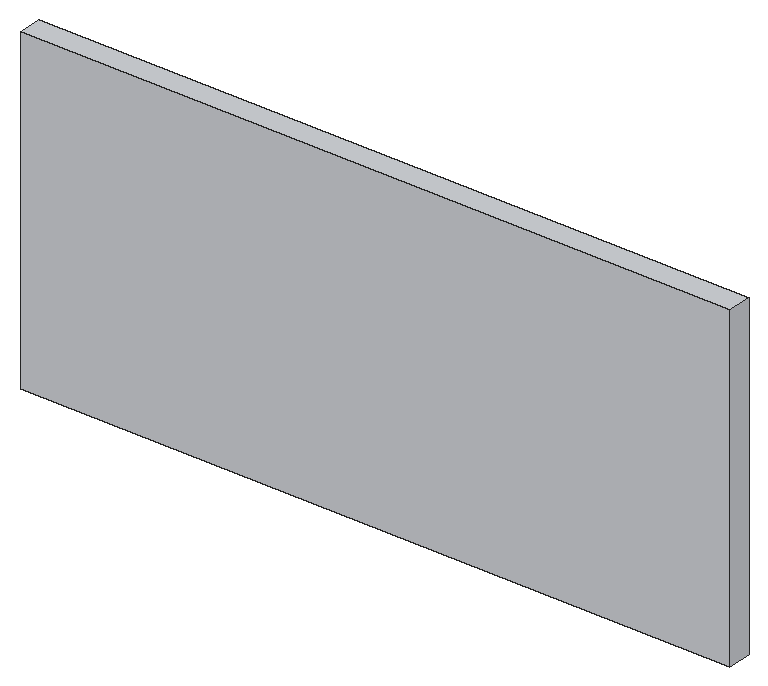
Revit family "DKTL0041", category Generic Models, Revit 2017
Family settings
  Can host rebar = No
  Round Connector Dimension = Use Diameter
  Part Type = Normal
  Work Plane-Based = No
  Always vertical = Yes
  Cut with Voids When Loaded = No
  Shared = No
  Room Calculation Point = No
Reference planes
  plane 1 "Center (Front/Back)": y = 0
  plane 2: z = 0
  plane 3 "Center (Left/Right)": x = 0
Forms (mm)
  Extrusion 1, solid
    sketch origin (0, 0, 0) x (1, 0, 0) y (0, 0, 1)
      loop
        line (0, 0) -> (455, 0) -> (455, 205) -> (0, 205) -> (0, 0)
    from 0 to 15
  Blend 2, void
    base sketch origin (-13.505, 0, 0) x (1, 0, 0) y (0, 0, 1)
      loop
        circle (113.75, 102.5) r 80
    top sketch origin (-13.505, 0, 0) x (1, 0, 0) y (0, 0, 1)
      loop
        circle (113.75, 102.5) r 90
    from 5 to 0
  Blend 3, void
    base sketch origin (-2.5, 0, 0) x (1, 0, 0) y (0, 0, 1)
      loop
        line (227.5, 25) -> (402.5, 25) -> (402.5, 40) -> (227.5, 40) -> (227.5, 25)
    top sketch origin (-2.5, 0, 0) x (1, 0, 0) y (0, 0, 1)
      loop
        line (412.5, 20) -> (412.5, 45)
        spline (412.5, 45) -> (412.465, 45.799) -> (412.361, 46.528) -> (412.187, 47.187) -> (411.944, 47.778) -> (411.632, 48.299) -> (411.25, 48.75) -> (410.799, 49.132) -> (410.278, 49.444) -> (409.687, 49.687) -> (409.028, 49.861) -> (408.299, 49.965) -> (407.5, 50)
        line (407.5, 50) -> (222.5, 50)
        spline (222.5, 50) -> (221.701, 49.965) -> (220.972, 49.861) -> (220.312, 49.688) -> (219.722, 49.444) -> (219.201, 49.132) -> (218.75, 48.75) -> (218.368, 48.299) -> (218.056, 47.778) -> (217.812, 47.188) -> (217.639, 46.528) -> (217.535, 45.799) -> (217.5, 45)
        line (217.5, 45) -> (217.5, 20)
        spline (217.5, 20) -> (217.535, 19.201) -> (217.639, 18.472) -> (217.812, 17.813) -> (218.056, 17.222) -> (218.368, 16.701) -> (218.75, 16.25) -> (219.201, 15.868) -> (219.722, 15.556) -> (220.312, 15.313) -> (220.972, 15.139) -> (221.701, 15.035) -> (222.5, 15)
        line (222.5, 15) -> (407.5, 15)
        spline (407.5, 15) -> (408.299, 15.035) -> (409.028, 15.139) -> (409.687, 15.312) -> (410.278, 15.556) -> (410.799, 15.868) -> (411.25, 16.25) -> (411.632, 16.701) -> (411.944, 17.222) -> (412.187, 17.812) -> (412.361, 18.472) -> (412.465, 19.201) -> (412.5, 20)
    from 10 to 0
  Blend 4, void
    base sketch origin (0, 0, 0) x (1, 0, 0) y (0, 0, 1)
      loop
        spline (220, 75) -> (220.035, 74.201) -> (220.139, 73.472) -> (220.312, 72.813) -> (220.556, 72.222) -> (220.868, 71.701) -> (221.25, 71.25) -> (221.701, 70.868) -> (222.222, 70.556) -> (222.812, 70.313) -> (223.472, 70.139) -> (224.201, 70.035) -> (225, 70)
        line (225, 70) -> (425, 70)
        spline (425, 70) -> (425.799, 70.035) -> (426.528, 70.139) -> (427.187, 70.313) -> (427.778, 70.556) -> (428.299, 70.868) -> (428.75, 71.25) -> (429.132, 71.701) -> (429.444, 72.222) -> (429.687, 72.813) -> (429.861, 73.472) -> (429.965, 74.201) -> (430, 75)
        line (430, 75) -> (430, 115)
        spline (430, 115) -> (429.965, 115.799) -> (429.861, 116.528) -> (429.687, 117.188) -> (429.444, 117.778) -> (429.132, 118.299) -> (428.75, 118.75) -> (428.299, 119.132) -> (427.778, 119.444) -> (427.187, 119.688) -> (426.528, 119.861) -> (425.799, 119.965) -> (425, 120)
        line (425, 120) -> (225, 120)
        spline (225, 120) -> (224.201, 119.965) -> (223.472, 119.861) -> (222.812, 119.688) -> (222.222, 119.444) -> (221.701, 119.132) -> (221.25, 118.75) -> (220.868, 118.299) -> (220.556, 117.778) -> (220.312, 117.188) -> (220.139, 116.528) -> (220.035, 115.799) -> (220, 115)
        line (220, 115) -> (220, 75)
    top sketch origin (0, 0, 0) x (1, 0, 0) y (0, 0, 1)
      loop
        spline (220, 125) -> (219.201, 124.965) -> (218.472, 124.861) -> (217.812, 124.688) -> (217.222, 124.444) -> (216.701, 124.132) -> (216.25, 123.75) -> (215.868, 123.299) -> (215.556, 122.778) -> (215.312, 122.188) -> (215.139, 121.528) -> (215.035, 120.799) -> (215, 120)
        line (215, 120) -> (215, 70)
        spline (215, 70) -> (215.035, 69.201) -> (215.139, 68.472) -> (215.312, 67.813) -> (215.556, 67.222) -> (215.868, 66.701) -> (216.25, 66.25) -> (216.701, 65.868) -> (217.222, 65.556) -> (217.812, 65.313) -> (218.472, 65.139) -> (219.201, 65.035) -> (220, 65)
        line (220, 65) -> (430, 65)
        spline (430, 65) -> (430.799, 65.035) -> (431.528, 65.139) -> (432.187, 65.313) -> (432.778, 65.556) -> (433.299, 65.868) -> (433.75, 66.25) -> (434.132, 66.701) -> (434.444, 67.222) -> (434.687, 67.813) -> (434.861, 68.472) -> (434.965, 69.201) -> (435, 70)
        line (435, 70) -> (435, 120)
        spline (435, 120) -> (434.965, 120.799) -> (434.861, 121.528) -> (434.687, 122.188) -> (434.444, 122.778) -> (434.132, 123.299) -> (433.75, 123.75) -> (433.299, 124.132) -> (432.778, 124.444) -> (432.187, 124.687) -> (431.528, 124.861) -> (430.799, 124.965) -> (430, 125)
        line (430, 125) -> (220, 125)
    from 10 to 0
  Blend 5, void
    base sketch origin (0, 0, 0) x (1, 0, 0) y (0, 0, 1)
      loop
        circle (309.445, 164.407) r 30
    top sketch origin (0, 0, 0) x (1, 0, 0) y (0, 0, 1)
      loop
        circle (309.445, 164.407) r 35
    from 10 to 0
  Blend 6, void
    base sketch origin (0, 0, -2.614) x (1, 0, 0) y (0, 0, 1)
      loop
        circle (395.753, 167.429) r 30
    top sketch origin (0, 0, -2.614) x (1, 0, 0) y (0, 0, 1)
      loop
        circle (395.753, 167.429) r 35
    from 10 to 0
Cuts and joins
  Blend 2, Blend 3, Blend 4, Blend 5, Blend 6 cuts Extrusion 1
Dimensions and locks
  aligned and locked: level to plane 2
Automatic sketch dimensions
  Extrusion 1 sketch curve to level = 0 mm
  Extrusion 1 sketch curve to plane 3 "Center (Left/Right)" = 0 mm
  level to Extrusion 1 sketch curve = 205 mm
  plane 3 "Center (Left/Right)" to Extrusion 1 sketch curve = 455 mm
  plane 3 "Center (Left/Right)" to Blend 2 sketch curve = 100.245 mm  (x2)
  level to Blend 2 sketch curve = 102.5 mm  (x2)
  level to Blend 3 sketch curve = 25 mm
  plane 3 "Center (Left/Right)" to Blend 3 sketch curve = 225 mm
  level to Blend 3 sketch curve = 40 mm
  Blend 3 sketch curve to Blend 3 sketch curve = 175 mm
  level to Blend 4 sketch curve = 75 mm  (x2)
  plane 3 "Center (Left/Right)" to Blend 4 sketch curve = 220 mm
  Blend 4 sketch curve to Blend 4 sketch curve = 5 mm  (x11)
  level to Blend 4 sketch curve = 70 mm
  Blend 4 sketch curve to Blend 4 sketch curve = 200 mm
  level to Blend 4 sketch curve = 120 mm  (x2)
  Blend 4 sketch curve to Blend 4 sketch curve = 0 mm
  level to Blend 4 sketch curve = 115 mm
  plane 3 "Center (Left/Right)" to Blend 4 sketch curve = 215 mm
  level to Blend 4 sketch curve = 125 mm
  Blend 4 sketch curve to Blend 4 sketch curve = 210 mm
  level to Blend 4 sketch curve = 65 mm
  plane 3 "Center (Left/Right)" to Blend 5 sketch curve = 309.445 mm  (x2)
  level to Blend 5 sketch curve = 164.407 mm  (x2)
  level to Blend 6 sketch curve = 164.816 mm  (x2)
  plane 3 "Center (Left/Right)" to Blend 6 sketch curve = 395.753 mm  (x2)
  level to Blend 3 sketch curve = 20 mm  (x2)
  plane 3 "Center (Left/Right)" to Blend 3 sketch curve = 215 mm
  level to Blend 3 sketch curve = 50 mm
  Blend 3 sketch curve to Blend 3 sketch curve = 5 mm  (x4)
  level to Blend 3 sketch curve = 15 mm
  Blend 3 sketch curve to Blend 3 sketch curve = 185 mm
  Blend 3 sketch curve to Blend 3 sketch curve = 0 mm
  level to Blend 3 sketch curve = 45 mm
  radius of Blend 2 sketch curve = 80 mm
  radius of Blend 2 sketch curve = 90 mm
  radius of Blend 5 sketch curve = 30 mm
  radius of Blend 5 sketch curve = 35 mm
  radius of Blend 6 sketch curve = 30 mm
  radius of Blend 6 sketch curve = 35 mm
